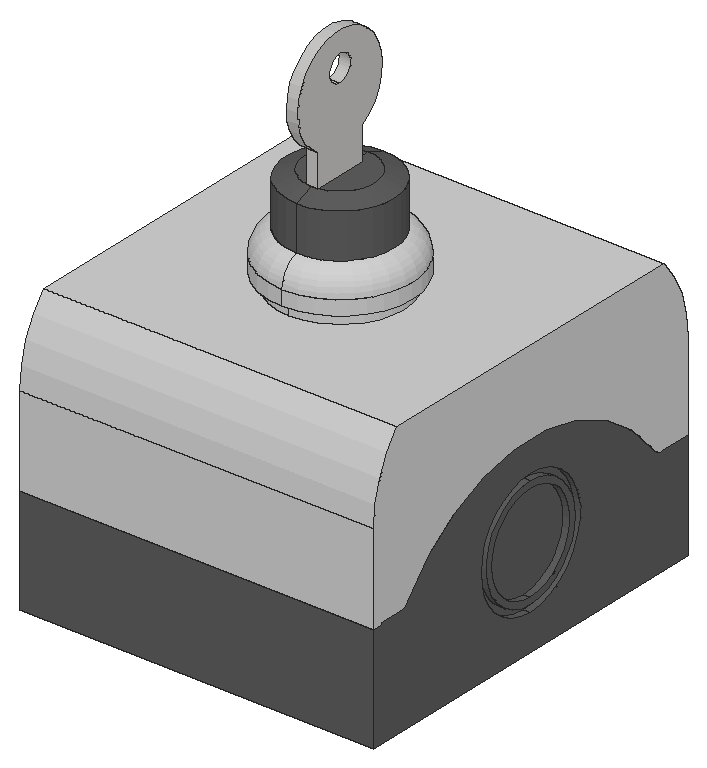
Revit family "PRD_FrankeWS_MnlCntrlSwtchs_KeySwitch_ZAQUA022", category Electrical Fixtures, host Face, Revit 2018
Family settings
  Host = Face
  Maintain Annotation Orientation = No
  Round Connector Dimension = Use Diameter
  Part Type = Normal
  OmniClass Number = 23.80.50.11.14
  OmniClass Title = Switches
  Cut with Voids When Loaded = No
  Shared = No
  Room Calculation Point = No
Parameters (values of type "ZAQUA022")
  WarrantyStartDate [instance] = "1900-12-31T23:59:59"
  WarrantyGuarantorParts = "n/a"
  WarrantyGuarantorLabor = "n/a"
  WarrantyDurationUnit = "year"
  WarrantyDurationParts = "n/a"
  WarrantyDurationLabor = "n/a"
  WarrantyDescription = "n/a"
  Voltage = 230 V
  Version = "1"
  Uniclass2015Version = "Products v1.17"
  Uniclass2015Title = "Manual control switches"
  Uniclass2015Code = "Pr_75_51_17_50"
  URL = "www.kwc.com"
  TypeOfSwitch = "Key switch"
  TagNumber [instance] = "n/a"
  SwitchFunction = "n/a"
  SustainabilityPerformance = "n/a"
  Style = "n/a"
  Status = "New"
  Size = "72 x 80 x 56 mm (W x H x D)"
  Shape = "Cuboid"
  SetPoint = "n/a"
  SerialNumber [instance] = "n/a"
  Revision = "n/a"
  ReplacementCost = "n/a"
  Reference = "n/a"
  ProtectiveSystemIP = "IP65"
  ProductInformation = "https://pim.kwc.com/product/2000102675/attachment/datasheet?locale=en"
  PowerFactor = 1
  OverallWidth = 205.00 mm
  OverallLength = 12.00 mm
  OverallHeight = 225.00 mm
  NumberOfGangs = 1
  NominalWidth = 72.00 mm
  NominalHeight = 80.00 mm
  NominalDepth = 56.00 mm
  NetWeight = 0.16 kg
  Name = "Key switch ZAQUA022"
  NBSTypeID = "n/a"
  NBSReference = "90-65-50/450"
  NBSOfficeMasterTag = "n/a"
  NBSNote = "n/a"
  NBSDescription = "Manual control switches"
  NBSCertification = "n/a"
  ModelReference = "ZAQUA022"
  ModelNumber = "2000102675"
  Model = ModelReference  # "ZAQUA022"
  MaximumSwitchingVoltage = "230.00 V AC"
  Material = "n/a"
  ManufacturerURL = "www.kwc.com\r\nwww.kwc.com"
  ManufacturerName = "KWC Group AG"  # constant formula
  Manufacturer = ManufacturerName  # "KWC Group AG"
  Legend = "n/a"
  IsIlluminated = no
  IntegralAccessories = "n/a"
  InstallationDate [instance] = "1900-12-31T23:59:59"
  IfcExportType = "USERDEFINED"
  IfcExportAs = "IfcSwitchingDevice"
  HasLock = yes
  GrossWeight = 0.28 kg
  Grade = "n/a"
  Finish = "n/a"
  Features = "lockable in both key positions, removable key"
  ExpectedLife = "n/a"
  DurationUnit = "year"
  Description = "Key switch, button for on-wall installation, lockable in both key positions, removable key. Maximum operating voltage 230 V AC."
  Default Elevation = 1500.00 mm
  CreatedOn = "04/2021"  # constant formula
  Constituents = "n/a"
  Color = "n/a"
  CodePerformance = "n/a"
  Category = "Pr_75_51_17_50, Manual control switches"
  CasingMaterial = PRD_AR_SyntheticLightGrey
  BodyMaterial = PRD_AR_Black
  BarCode [instance] = "n/a"
  BIMObjectName = "PRD_AR_ManualControlSwitches_KeySwitch_ZAQUA022"
  Author = "Archispace"  # constant formula
  AssetType = "Fixed"
  AssetIdentifier [instance] = "n/a"
  ApparentLoad = 0 VA
  AccessibilityPerformance = "n/a"
Reference planes
  plane 1 "Center (Front/Back)": y = 0
  plane 2: z = 0
  plane 3 "Center (Left/Right)": x = 0
Dimensions and locks
  aligned and locked: plane 2 to host face
  aligned and locked: level to host face
Nested families
  nested 1: "Family1" at (0, 0, 0) x (1, 0, 0) z (0, 1, 0), type "Family1"
Connectors
  electrical at (0, -0.001, 0), driven by "Voltage", driven by "PowerFactor", driven by "ApparentLoad", driven by "MaximumSwitchingVoltage"
    settings: on nested 1, index 1, voltage 230 V, apparent load 0 VA, apparent load phase1 0 VA, apparent load phase2 0 VA, apparent load phase3 0 VA, power factor 1, load classification "Other", number of poles 1, system type 30, power factor state 1, is connector primary yes, connector utility no, sub classification motor no, connector description "230.00 V AC"
Definition of nested family "Family1"
  Parameters (values of type "Family1")
    Material2 = none
    Material1 = none
    KeyMaterial = none
    Default Elevation = 1219.20 mm
  Reference planes
    plane 1 "Center (Front/Back)": y = 0
    plane 2: z = 0
    plane 3 "Center (Left/Right)": x = 0
  Forms (mm)
    Extrusion 1, solid, material <- "Material1", detail levels fine
      sketch origin (0, 0, 0) x (0, 1, 0) y (0, 0, 1)
        loop
          line (0, 40) -> (-40, 40)
          arc (-40, 40) -> (-48.544, 38.451) -> (-56, 34) r 24.333
          line (-56, 34) -> (-56, -34)
          arc (-56, -34) -> (-48.544, -38.451) -> (-40, -40) r 24.333
          line (-40, -40) -> (0, -40) -> (0, 40)
      from -36 to 36
    Extrusion 2, void
      sketch origin (0, 0, 0) x (0, 1, 0) y (0, 0, 1)
        loop
          line (-21.705, -42.364) -> (3.295, -42.364) -> (3.295, 42.636) -> (-22, 42.636) -> (-22, 33.768)
          arc (-22, 33.768) -> (-22.32, 32.42) -> (-23.213, 31.359) r 3
          arc (-23.213, 31.359) -> (-38.999, -0.17) -> (-22.939, -31.56) r 39.04
          arc (-22.939, -31.56) -> (-22.032, -32.624) -> (-21.705, -33.985) r 3
          line (-21.705, -33.985) -> (-21.705, -42.364)
      from -43.678 to 43.046
    Extrusion 3, void
      sketch origin (0, 0, 0) x (1, 0, 0) y (0, 1, 0)
        loop
          line (-42.153, -22) -> (-34.073, -22)
          arc (-34.073, -22) -> (-33.077, -22.17) -> (-32.194, -22.662) r 3
          arc (-32.194, -22.662) -> (0, -34) -> (32.194, -22.662) r 51.375
          arc (32.194, -22.662) -> (33.077, -22.17) -> (34.073, -22) r 3
          line (34.073, -22) -> (37.847, -22) -> (37.847, 8) -> (-42.153, 8) -> (-42.153, -22)
      from -38 to 53.842
    Extrusion 4, solid, material <- "Material2", detail levels fine
      sketch origin (0, 0, 0) x (0, 1, 0) y (0, 0, 1)
        loop
          line (-21.705, -40) -> (0, -40) -> (0, 40) -> (-22, 40) -> (-22, 33.768)
          arc (-22, 33.768) -> (-22.32, 32.42) -> (-23.213, 31.359) r 3
          arc (-23.213, 31.359) -> (-38.999, -0.17) -> (-22.939, -31.56) r 39.04
          arc (-22.939, -31.56) -> (-22.032, -32.624) -> (-21.705, -33.985) r 3
          line (-21.705, -33.985) -> (-21.705, -40)
      from -36 to 36
    Extrusion 5, solid, material <- "Material2", detail levels fine
      sketch origin (0, 0, 0) x (1, 0, 0) y (0, 1, 0)
        loop
          line (-36, -22) -> (-34.073, -22)
          arc (-34.073, -22) -> (-33.077, -22.17) -> (-32.194, -22.662) r 3
          arc (-32.194, -22.662) -> (0, -34) -> (32.194, -22.662) r 51.375
          arc (32.194, -22.662) -> (33.077, -22.17) -> (34.073, -22) r 3
          line (34.073, -22) -> (36, -22) -> (36, 0) -> (-36, 0) -> (-36, -22)
      from -38 to 39.998
    Revolve 6, solid, material <- "Material1", detail levels fine
      sketch origin (0, 0, 0) x (0, 1, 0) y (0, 0, 1)
        loop
          line (-56, -3.5) -> (-66.5, -3.5) -> (-66.5, -14.5)
          arc (-66.5, -14.5) -> (-64.625, -17.208) -> (-61.5, -18.25) r 5.208
          line (-61.5, -18.25) -> (-58.5, -18.25) -> (-58.5, -16.5) -> (-56, -16.5) -> (-56, -3.5)
        axis (-66.5, -3.5) -> (-56, -3.5)
      angle from 0 to 360
    Extrusion 7, solid, material <- "KeyMaterial", detail levels fine
      sketch origin (0, 0, -1.5) x (0, 1, 0) y (0, 0, 1)
        loop
          line (-77, 2.15) -> (-83.605, 2.15)
          arc (-83.605, 2.15) -> (-103.5, -3.5) -> (-83.605, -9.15) r 10.75
          line (-83.605, -9.15) -> (-77, -9.15) -> (-77, 2.15)
        loop
          circle (-96.5, -3.5) r 2.75
      from -1.15 to 1.15
    Extrusion 8, void
      sketch origin (0, 0, 0) x (1, 0, 0) y (0, 1, 0)
        loop
          circle (0, -20) r 10.5
      from 38.5 to 39.999
    Extrusion 9, void
      sketch origin (0, 0, 0) x (0, 1, 0) y (0, 0, 1)
        loop
          circle (-20, 0) r 12.75
        loop
          circle (-20, 0) r 11.25
        loop
          circle (-20, 0) r 10
      from -36 to -34.5
    Extrusion 10, void
      sketch origin (0, 0, 0) x (0, 1, 0) y (0, 0, -1)
        loop
          circle (-20, 0) r 12.75
        loop
          circle (-20, 0) r 11.25
        loop
          circle (-20, 0) r 10
      from -36 to -34.5
    Revolve 11, solid, material <- "Material2", detail levels fine
      sketch origin (0, 0, 0) x (0, 1, 0) y (0, 0, 1)
        loop
          line (-66.5, -3.5) -> (-77, -3.5) -> (-77, -10.65) -> (-75.5, -14.5) -> (-66.5, -14.5) -> (-66.5, -3.5)
        axis (-77, -3.5) -> (-66.5, -3.5)
      angle from 0 to 360
    Extrusion 12, solid, material <- "Material1", detail levels medium
      sketch origin (0, 0, 0) x (0, 1, 0) y (0, 0, 1)
        loop
          line (0, 40) -> (-40, 40)
          arc (-40, 40) -> (-48.544, 38.451) -> (-56, 34) r 24.333
          line (-56, 34) -> (-56, -34)
          arc (-56, -34) -> (-48.544, -38.451) -> (-40, -40) r 24.333
          line (-40, -40) -> (0, -40) -> (0, 40)
      from -36 to 36
    Revolve 13, solid, material <- "Material1", detail levels medium
      sketch origin (0, 0, 0) x (0, 1, 0) y (0, 0, 1)
        loop
          line (-56, -3.5) -> (-77, -3.5) -> (-77, -18.25) -> (-56, -18.25) -> (-56, -3.5)
        axis (-77, -3.5) -> (-56, -3.5)
      angle from 0 to 360
    Extrusion 14, solid, material <- "KeyMaterial", detail levels medium
      sketch origin (0, 0, -1.5) x (0, 1, 0) y (0, 0, 1)
        loop
          line (-77, 2.15) -> (-83.605, 2.15)
          arc (-83.605, 2.15) -> (-103.5, -3.5) -> (-83.605, -9.15) r 10.75
          line (-83.605, -9.15) -> (-77, -9.15) -> (-77, 2.15)
      from -1.15 to 1.15
    Extrusion 15, solid, material <- "Material1", detail levels coarse
      sketch origin (0, 0, 0) x (0, 1, 0) y (0, 0, 1)
        loop
          line (0, -40) -> (0, 40) -> (-105, 40) -> (-105, -40) -> (0, -40)
      from -36 to 36
  Cuts and joins
    Extrusion 2, Extrusion 3 cuts Extrusion 1
    Extrusion 8, Extrusion 9, Extrusion 10 cuts Extrusion 4
    Extrusion 8, Extrusion 9, Extrusion 10 cuts Extrusion 5
    joined: Extrusion 4, Extrusion 5
  Dimensions and locks
    aligned and locked: level to plane 2
